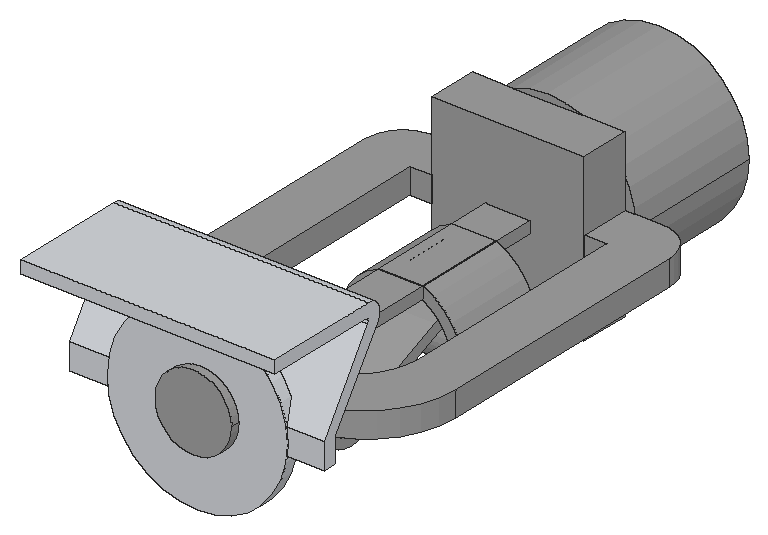
Revit family
Parameters (values of type "RASCO G HSW")
  Temperature Rating = 212 °F
  Response = (empty or 0)
  RASCO SIN # = "R1235"
  RASCO Part # = "GH2B"
  Pressure Rating = "175 PSI"
  Pressure Class = (empty or 0)
  Orifice Size = 1/2"
  Orifice = (empty or 0)
  Model = "G"
  Manufacturer = "RASCO"
  K-Factor = 5.62
  Description = "Bronze Finish"
  Coverage = (empty or 0)
Reference planes (in)
  plane 1 "Center (Front/Back)": y = 0
  plane 2: z = 0
  plane 3 "Center (Left/Right)": x = 0
Dimensions and locks (in)
  aligned and locked: plane 2 to level
Nested families (in)
  nested 1: "GH2B" at (0, 0, -0.80736), type "RASCO G HSW"
Connectors (in)
  piping at (-0.0055, 1.4375, 0.63014)
    settings: on nested 1, index 1, connector radius 0.43", flow factor 0, pipe flow 0 GPM, pressure drop 0.00 psi, fitting loss kfactor 0, connector angle 0.00°, fixture units 0, flow configuration 0, flow direction 0, fitting loss method 0, system type 7, connector reference index -1, connector utility 0, adjustable connector no, is connector primary yes, fitting loss table "", connector description ""
Definition of nested family "GH2B"
  Parameters (values of type "RASCO G HSW")
    Type Comments = ""
    Temperature Rating = 0 °F
    Response = (empty or 0)
    Pressure Rating = "0"
    Pressure Class = (empty or 0)
    Orifice Size = 0"
    Orifice = (empty or 0)
    Model = ""
    Manufacturer = ""
    K-Factor = 0
    Description = ""
    Coverage = (empty or 0)
    Assembly Code = ""
  Reference planes (in)
    plane 1 "Center (Front/Back)": y = 0
    plane 2: z = 0
    plane 3: x = -0.38065
    plane 4: x = 0.36935
    plane 5 "center": x = -0.00574
  Forms (in)
    Extrusion 1, solid, material "Default"
      sketch origin (-0.0055, 1.4375, 1.4375) x (-1, 0, 0) y (0, 0, -1)
        loop
          circle (0, 0) r 0.438
      from 0 to 0.6875
    Extrusion 2, solid, material "Default"
      sketch origin (0.11634, 0.75, 1.38573) x (-1, 0, 0) y (0, 0, -1)
        loop
          line (-0.2588, 0.356) -> (-0.2588, -0.4565) -> (0.4912, -0.4565) -> (0.4912, 0.356) -> (-0.2588, 0.356)
      from 0 to 0.25
    Extrusion 3, solid, material "Default"
      sketch origin (-0.0055, 1.4375, 1.4375) x (-1, 0, 0) y (0, -1, 0)
        loop
          line (-0.49248, 0.9375) -> (-0.49248, 2.10276)
          arc (-0.49248, 2.10276) -> (-0.40724, 2.30855) -> (-0.20145, 2.39379) r 0.29103
          line (-0.20145, 2.39379) -> (0.18108, 2.39379)
          arc (0.18108, 2.39379) -> (0.38905, 2.30765) -> (0.47519, 2.09969) r 0.29411
          line (0.47519, 2.09969) -> (0.47519, 0.9375) -> (0.36935, 0.9375) -> (0.36935, 0.6875) -> (0.55741, 0.6875)
          arc (0.55741, 0.6875) -> (0.69165, 0.7431) -> (0.74725, 0.87734) r 0.18984
          line (0.74725, 0.87734) -> (0.74725, 2.19113)
          arc (0.74725, 2.19113) -> (0.61669, 2.50631) -> (0.3015, 2.63687) r 0.44574
          line (0.3015, 2.63687) -> (-0.30719, 2.63687)
          arc (-0.30719, 2.63687) -> (-0.62225, 2.50637) -> (-0.75275, 2.19131) r 0.44556
          line (-0.75275, 2.19131) -> (-0.75275, 0.87876)
          arc (-0.75275, 0.87876) -> (-0.69673, 0.74352) -> (-0.56149, 0.6875) r 0.19126
          line (-0.56149, 0.6875) -> (-0.38065, 0.6875) -> (-0.38065, 0.9375) -> (-0.49248, 0.9375)
      from -0.06402 to 0.06098
    Extrusion 4, solid, material "Default"
      sketch origin (-0.00352, -1, 1.4375) x (1, 0, 0) y (0, 0, 1)
        loop
          circle (0.00574, -0.00152) r 0.1875
      from -0.04371 to 0.4375
    Extrusion 5, solid, material "Default"
      sketch origin (-0.0055, 0.5, 1.4375) x (1, 0, 0) y (0, 0, 1)
        loop
          line (-0.10175, -0.02852) -> (0.11324, -0.02852) -> (0.11324, 0.03101) -> (-0.10175, 0.03101) -> (-0.10175, -0.02852)
      from 0 to 1.45629
    Extrusion 6, solid, material "Default"
      sketch origin (0.00024, 1.51287, 1.447) x (0, 1, 0) y (0, 0, 1)
        loop
          line (-2.39379, 0.21198) -> (-2.39379, -0.229)
          arc (-2.39379, -0.229) -> (-2.26956, -0.41579) -> (-2.04926, -0.37342) r 0.20254
          arc (-2.04926, -0.37342) -> (-1.6599, -0.16721) -> (-1.22163, -0.12207) r 1.15319
          line (-1.22163, -0.12207) -> (-1.22163, -0.07087)
          arc (-1.22163, -0.07087) -> (-1.6782, -0.11947) -> (-2.0834, -0.33544) r 1.20419
          arc (-2.0834, -0.33544) -> (-2.24878, -0.36919) -> (-2.34279, -0.229) r 0.15154
          line (-2.34279, -0.229) -> (-2.34279, 0.21198) -> (-2.39379, 0.21198)
      from -0.17255 to 0.17398
    Extrusion 7, solid, material "Default"
      sketch origin (-0.0055, 1.4375, 1.4375) x (-1, 0, 0) y (0, 0, -1)
        loop
          arc (0.23993, 0.23051) -> (0.19768, 0.11115) -> (0.10175, 0.02852) r 0.24647
          line (0.10175, 0.02852) -> (-0.11324, 0.02852)
          arc (-0.11324, 0.02852) -> (-0.21767, 0.12447) -> (-0.25194, 0.2621) r 0.24647
          line (-0.25194, 0.2621) -> (-0.25194, 0.40777) -> (-0.30719, 0.40777) -> (-0.30719, 0.25942)
          arc (-0.30719, 0.25942) -> (-0.25653, 0.08328) -> (-0.11324, -0.03101) r 0.30157
          line (-0.11324, -0.03101) -> (0.10175, -0.03101)
          arc (0.10175, -0.03101) -> (0.24461, 0.08262) -> (0.29574, 0.25785) r 0.30157
          line (0.29574, 0.25785) -> (0.29574, 0.40777) -> (0.23993, 0.40777) -> (0.23993, 0.23051)
      from 1.14626 to 1.59756
    Extrusion 8, solid, material "Default"
      sketch origin (0.00024, 1.51287, 1.447) x (0, 1, 0) y (0, 0, 1)
        loop
          circle (-1.44728, -0.26892) r 0.13147
      from -0.24568 to 0.24619
  Cuts and joins
    joined: Extrusion 1, Extrusion 2
  Nested families (in)
    nested 1: "RASCO- F56H1B" at (-0.00574, -0.39016, 0.17609), type "RASCO F156 HSW"
  Definition of nested family "RASCO- F56H1B"
    Parameters (values of type "RASCO F156 HSW")
      Type Comments = ""
      Temperature Rating = 0 °F
      Response = (empty or 0)
      Pressure Rating = "0"
      Pressure Class = (empty or 0)
      Orifice Size = 0"
      Orifice = (empty or 0)
      Model = ""
      Manufacturer = ""
      K-Factor = 0
      Description = ""
      Coverage = (empty or 0)
      Assembly Code = ""
    Reference planes (in)
      plane 1 "Center (Front/Back)": y = 0
      plane 2: z = 0
      plane 3 "ref.2": z = 0.6875
      plane 4 "ref.3": z = 0.9375
      plane 5: x = -0.38065
      plane 6: x = 0.36935
      plane 7 "ref. side 1": y = 0.06402
      plane 8 "ref. side 2": y = -0.06098
      plane 9 "ref.4": z = 1.875
      plane 10 "ref.5": z = 2.3125
      plane 11 "ref.6": z = 2.4375
      plane 12 "center": x = -0.00574
    Forms (in)
      Extrusion 1, solid
        sketch origin (-0.01236, -0.89954, 1.2504) x (-1, 0, 0) y (0, 0, 1)
          loop
            circle (-0.00574, -0.00152) r 0.44275
        from -0.10531 to -0.03987
      Extrusion 2, solid
        sketch origin (-0.00662, 1.2679, 1.26334) x (0, -1, 0) y (0, 0, 1)
          loop
            line (2.27263, -0.06402) -> (2.27263, 0.06098) -> (2.00466, 0.4658)
            arc (2.00466, 0.4658) -> (2.00382, 0.48409) -> (2.01953, 0.49348) r 0.01783
            line (2.01953, 0.49348) -> (2.57559, 0.49348) -> (2.57559, 0.55848) -> (2.00257, 0.55848)
            arc (2.00257, 0.55848) -> (1.94355, 0.52319) -> (1.9467, 0.4545) r 0.067
            line (1.9467, 0.4545) -> (2.20719, 0.06098) -> (2.20719, -0.06402) -> (2.27263, -0.06402)
        from -0.62515 to 0.62904
